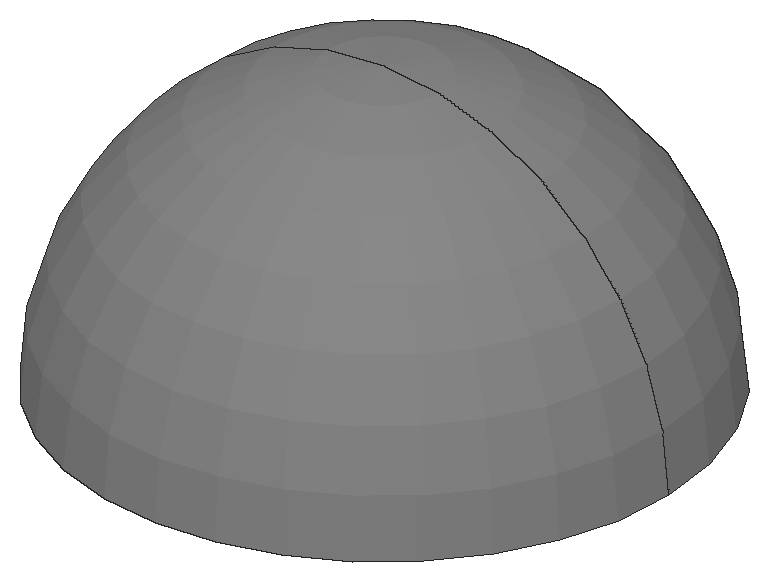
Revit family "polusfera_d60", category Антураж, Revit 2017
Family settings
  На основе рабочей плоскости = Нет
  Всегда вертикально = Да
  При загрузке вырезать с полостями = Нет
  Источник визуального образа = Геометрия семейства
  Общий = Нет
  Точка расчета площади = Нет
Parameters (values of type ""D60" Шахматка")
  Производитель = "ГК Очаковский комбинат ЖБИ"  # constant formula
  Позиция = ""
  Поверхность = ""
  Площадь [instance] = 0.848 m²
  Описание изделия [instance] = "Бетонные полусферы – это классическое решение для ограничения проезда автотранспорта"
  Объем бетона = 0.054 m³
  Обозначение = ""
  Наименование = "Полусфера \"D60\""
  Морозостойкость [instance] = "F150"
  Материал = Очаковский_Шахматка
  Масса [instance] = 135.00 kg
  Класс бетона [instance] = "В30"
  Защитное покрытие [instance] = 0.565
  Диаметр = 600 mm
  Watermarked By = ""
  Высота = 0 mm
  Водонепроницаемость [instance] = "W8"
  URL = "http://file-system.ru/catalog/blagoustroystvo/blagoustroystvo_goroda/polusfery/_d60_polusfera/"
Types (10, lengths in mm): name | Материал | URL
  (no name) | Очаковский_Шахматка | "http://file-system.ru/catalog/blagoustroystvo/blagoustroystvo_goroda/polusfery/_d60_polusfera/"
  "D60" Белый | Очаковский_Белый | 0
  "D60" Белый шелк | Очаковский_Белый_Шелк | 0
  "D60" Крымский берег | Очаковский_Крымский_берег | 0
  "D60" Московский гравий | Очаковский_Московский_гравий | 0
  "D60" Морская соль | Очаковский_Морская_соль | 0
  "D60" Светло-серый | Очаковский_Светло-серый | 0
  "D60" Черный шелк | Очаковский_Черный_шелк | 0
  "D60" Черный глянец | Очаковский_Черный_глянец | 0
  "D60" Шахматка | Очаковский_Шахматка | "http://file-system.ru/catalog/blagoustroystvo/blagoustroystvo_goroda/polusfery/_d60_polusfera/"
Reference planes
  plane 1 "По центру (Вперед/Назад)": y = 0
  plane 2: z = 0
  plane 3 "По центру (Влево/Вправо)": x = 0
  plane 4: x = -300
  plane 5: x = 300
  plane 6: y = 300
  plane 7: y = -300
Forms (mm)
  Revolve 1, solid, material "Очаковский_Шахматка" <- "Материал", detail levels medium+fine
    sketch origin (0, 0, 0) x (1, 0, 0) y (0, 0, 1)
      loop
        arc (300, 0) -> (212.132, 212.132) -> (0, 300) r 300
        line (0, 300) -> (0, 0) -> (300, 0)
      axis (0, 300) -> (0, 0)
    angle from 0 to 360
Dimensions and locks
  equal spacing: plane 4, plane 3 "По центру (Влево/Вправо)", plane 5
  equal spacing: plane 6, plane 1 "По центру (Вперед/Назад)", plane 7
  "Диаметр": plane 6 to plane 7
  "Диаметр": plane 4 to plane 5
  aligned and locked: level to plane 2
  aligned and locked: plane 1 "По центру (Вперед/Назад)" to nested 1
Automatic sketch dimensions
  Revolve 1 sketch curve to level = 0 mm
  Revolve 1 sketch curve to plane 3 "По центру (Влево/Вправо)" = 0 mm  (x2)
  plane 3 "По центру (Влево/Вправо)" to Revolve 1 sketch curve = 300 mm
  Revolve 1 sketch curve to level = 366.045 mm
  Revolve 1 sketch curve to Revolve 1 sketch curve = 1914.315 mm
Nested families
  nested 1: "МАФ Круглый низкая дет" at (0, 0, 0), Диаметр <- "Диаметр", type "МАФ Круглый низкая дет"
    with Диаметр 600 mm, Высота 300 mm
Definition of nested family "МАФ Круглый низкая дет"
  Parameters (values of type "МАФ Круглый низкая дет")
    Диаметр [instance] = 300 mm
    Высота [instance] = 600 mm
    Watermarked By = ""
    Type Comments = "﻿﻿​        ﻿﻿    ﻿﻿﻿   ﻿﻿﻿ ﻿     ﻿ ﻿   ﻿ ﻿   ﻿ ﻿     ​ ​ ​ ​     ​ ​                          ​  ​    ​           ​ ﻿           ﻿   ​           ​           ﻿        ​﻿﻿"
    Keynote = "﻿﻿​        ﻿﻿    ﻿﻿﻿   ﻿﻿﻿ ﻿     ﻿ ﻿   ﻿ ﻿   ﻿ ﻿     ​ ​ ​ ​     ​ ​                          ​  ​    ​           ​ ﻿           ﻿   ​           ​           ﻿        ​﻿﻿"
    Description = "﻿﻿​        ﻿﻿    ﻿﻿﻿   ﻿﻿﻿ ﻿     ﻿ ﻿   ﻿ ﻿   ﻿ ﻿     ​ ​ ​ ​     ​ ​                          ​  ​    ​           ​ ﻿           ﻿   ​           ​           ﻿        ​﻿﻿"
    Assembly Code = "﻿﻿​        ﻿﻿    ﻿﻿﻿   ﻿﻿﻿ ﻿     ﻿ ﻿   ﻿ ﻿   ﻿ ﻿     ​ ​ ​ ​     ​ ​                          ​  ​    ​           ​ ﻿           ﻿   ​           ​           ﻿        ​﻿﻿"
  Reference planes
    plane 1 "По центру (Вперед/Назад)": y = 0
    plane 2: z = 0
    plane 3 "По центру (Влево/Вправо)": x = 0
    plane 4: x = -150
    plane 5: x = 150
    plane 6: y = -150
    plane 7: y = 150
    plane 8: z = 600
  Forms (mm)
    Extrusion 1, solid, detail levels coarse
      sketch origin (0, 0, 0) x (1, 0, 0) y (0, 1, 0)
        loop
          line (-150, 150) -> (-150, -150) -> (150, -150) -> (150, 150) -> (-150, 150)
      from 0 to 600
  Dimensions and locks
    equal spacing: plane 6, plane 1 "По центру (Вперед/Назад)", plane 7
    "Диаметр": plane 6 to plane 7
    equal spacing: plane 4, plane 3 "По центру (Влево/Вправо)", plane 5
    "Диаметр": plane 4 to plane 5
    "Высота": plane 8 to level
    aligned and locked: level to plane 2
    aligned and locked: Extrusion 1 sketch curve to plane 5
    aligned and locked: Extrusion 1 sketch curve to plane 7
    aligned and locked: Extrusion 1 sketch curve to plane 6
    aligned and locked: Extrusion 1 sketch curve to plane 4
    aligned and locked: plane 8 to Extrusion 1
  Automatic sketch dimensions
    Extrusion 1 sketch curve to plane 5 = 0 mm
